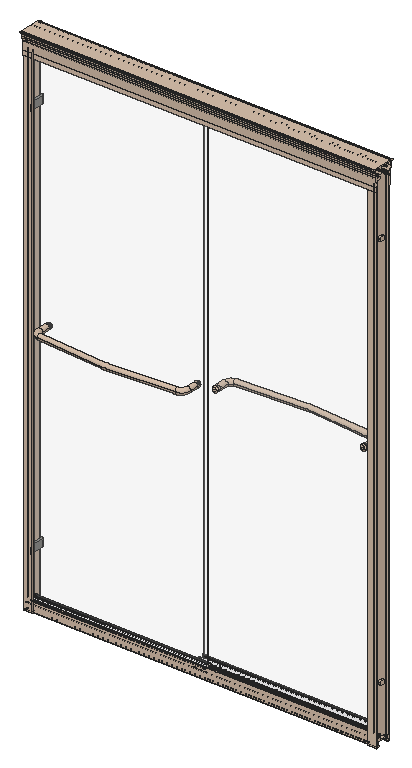
Revit family "Shower-Shower_Door-KOHLER-Fluence-K-702208_1", category Specialty Equipment, host Face, Revit 2021
Family settings
  Host = Face
  Round Connector Dimension = Use Diameter
  Part Type = Normal
  OmniClass Number = 23.31.17.17
  OmniClass Title = Shower Enclosures
  Cut with Voids When Loaded = No
  Shared = No
  Room Calculation Point = No
Parameters (values of type "Clear Glass,ABV-Anodized Brushed Bronze")
  Width [instance] = Walk thru + 25 171/256"  # 47 163/256"
  WaterSense Certified = 1 = 0  # no
  Walk thru [instance] = 21 31/32"
  URL = "https://www.us.kohler.com/us/"
  Type = 1
  Secondary Finish = Kohler-Glass-L-Crystal_Clear
  Product Page URL = "https://www.us.kohler.com/us/catalog/productDetails.jsp?productId=702208-6L"
  Product Name = "Fluence\r\n"  # constant formula
  Product Documentation Link = "https://www.us.kohler.com/webassets/kpna/catalog/pdf/en/K-702208-6L_spec_US-CA_Kohler_en.pdf"
  Model = if(Type = 1, "K-702208-6L-ABV", if(Type = 2, "K-702208-6L-MX", if(Type = 3, "K-702208-6L-SHP", if(Type = 4, "K-702208-6G54-ABV", if(Type = 5, "K-702208-6G54-MX", if(Type = 6, "K-702208-6G54-SHP", "NA"))))))  # "K-702208-6L-ABV"
  Material = "Premium Metal Construction"  # constant formula
  Master Format 2014 Name = "Shower Doors"  # constant formula
  Master Format 2014 = "10 28 19.16"  # constant formula
  Manufacturer Address = "444 Highland Dr, Kohler, WI 53044"  # constant formula
  Manufacturer = "Kohler Co."  # constant formula
  Length = 7.24409"  # constant formula
  Height = 70.02756"  # constant formula
  Hardware Included = 1 = 1  # yes
  Finish = Kohler-Metal-ABV-Anodized_Brushed_Bronze
  Environmental Product Declaration = ""
  Description = if(or(Type = 1, Type = 2, Type = 3), "44-5/8 - 47-5/8  Inch W x 70-9/32 Inch H sliding shower door with 1/4 Inch thick Crystal Clear glass", "44-5/8 - 47-5/8 Inch W x 70-9/32 Inch H sliding shower door with 1/4 Inch thick Falling Lines glass")  # "44-5/8 - 47-5/8  Inch W x 70-9/32 Inch H sliding shower door with 1/4 Inch thick Crystal Clear glass"
  Default Elevation = 4"
  Declare Label = ""
  Date Modified = "08/15/2022"  # constant formula
  Date Created = "08/15/2022"  # constant formula
  Copyright = "Copyright Kohler Co."  # constant formula
  Contact Us = "https://www.us.kohler.com/us/static/contact.jsp"
  Assembly Code = "C1030200"
  ADA Compliant = 1 = 0  # no
Reference planes (in)
  plane 1 "Center (Front/Back)": y = 1.56652
  plane 2: z = 0
  plane 3 "Center (Left/Right)": x = 0
  plane 4: x = 17.10604
  plane 5: x = -30.53068
  plane 6: x = -6.0661
  plane 7: x = 15.90265
  plane 8: z = 35.23003
  plane 9: z = 34.47999
  plane 10: z = 70.02756
  plane 11: z = 67.03867
  plane 12: z = 1.63095
  plane 13: x = -28.17358
  plane 14: x = -7.42336
  plane 15: x = -5.9858
  plane 16: x = 14.76108
  plane 17: y = 5.18652
  plane 18: y = -2.05758
  plane 19: x = -7.79838
  plane 20: x = -27.79838
  plane 21: x = -5.61346
  plane 22: x = 14.38672
  plane 23: y = 3.134
  plane 24: y = 0
  plane 25: y = 2.15619
  plane 26: y = 1.92619
  plane 27: y = 1.20781
  plane 28: y = 0.97781
Dimensions and locks (in)
  "Width": plane 4 to plane 5
  "Walk thru": plane 7 to plane 6
  locked: plane 6 to plane 5 at 24.46458
  plane 4 to plane 7 = 1.20339"
  locked: plane 5 to plane 3 "Center (Left/Right)" at 30.53068
  plane 11 to plane 12 = 65.40772"
  "Height": plane 10 to level
  locked: plane 16 to plane 4 at 2.34496
  locked: plane 15 to plane 16 at 20.74687
  locked: plane 13 to plane 14 at 20.75022
  "Length": plane 17 to plane 18
  locked: plane 22 to plane 16 at 0.37436
  locked: plane 15 to plane 21 at 0.37234
  plane 9 to level = 34.47999"
  plane 8 to plane 9 = 0.75004"
  aligned and locked: plane 2 to host face
  aligned and locked: level to host face
  aligned and locked: plane 5 to nested 1
  aligned and locked: plane 4 to nested 1
  aligned and locked: plane 3 "Center (Left/Right)" to nested 1
Automatic sketch dimensions
  host sketch curve to host sketch curve = 96"  (x2)
Nested families (in)
  nested 1: "K-702208" at (0.00132, 0, 0), type "K-702208"
    with Width 47 163/256", Walk Thru 21.96743"
Definition of nested family "K-702208"
  Parameters (values of type "K-702208")
    Width = Walk Thru + 25.66929"  # 44.6063"
    Walk Thru = 18.93701"
    Secondary Finish = none
    Material = none
    Default Elevation = 0"
  Reference planes (in)
    plane 1 "Center (Front/Back)": y = 0
    plane 2: z = 0
    plane 3 "Center (Left/Right)": x = 0
    plane 4: x = 14.0743
    plane 5: x = -30.532
    plane 6: y = 1.56652
    plane 7: y = -2.05628
    plane 8: x = 13.1673
    plane 9: y = 3.134
    plane 10: x = 13.5918
    plane 11: z = 1.63095
    plane 12: z = 70.02944
    plane 13: z = 69.01101
    plane 14: z = 34.85501
    plane 15: z = 35.23003
    plane 16: z = 34.47999
    plane 17: z = 67.03867
    plane 18 "MH1": x = 11.35497
    plane 19 "MH2": x = -8.6452
    plane 20 "MHC": x = 1.35489
    plane 21 "WALK THRU PLANE": x = -6.0661
    plane 22 "WTP1": x = 12.87091
    plane 23 "FH2": x = -27.7997
    plane 24 "FH1": x = -7.7997
    plane 25: x = -17.7997
    plane 26: y = 5.18105
    plane 27: x = -10.4577
    plane 28: x = -7.39503
    plane 29: y = 2.15619
    plane 30: y = 1.92619
    plane 31: y = 1.20781
    plane 32: y = 0.97781
  Forms (in)
    Extrusion 1, solid, material <- "Material", detail levels medium+fine
      sketch origin (29.093, 2.565, 0) x (0, 1, 0) y (0, 0, 1)
        loop
          line (-0.09022, 0.5137) -> (-0.22807, 0.5137)
          arc (-0.22807, 0.5137) -> (-0.25057, 0.4912) -> (-0.22807, 0.4687) r 0.0225
          line (-0.22807, 0.4687) -> (-0.06534, 0.4687)
          arc (-0.06534, 0.4687) -> (-0.05096, 0.46275) -> (-0.045, 0.44836) r 0.02034
          line (-0.045, 0.44836) -> (-0.045, 0.02241)
          arc (-0.045, 0.02241) -> (-0.0225, -0.00009) -> (0, 0.02241) r 0.0225
          line (0, 0.02241) -> (0, 0.53036) -> (-0.02, 0.565) -> (0, 0.59964) -> (0, 0.6346)
          arc (0, 0.6346) -> (-0.02337, 0.69243) -> (-0.08035, 0.71781) r 0.08326
          line (-0.08035, 0.71781) -> (-1.58747, 0.77044)
          arc (-1.58747, 0.77044) -> (-1.60203, 0.77692) -> (-1.608, 0.7917) r 0.02127
          line (-1.608, 0.7917) -> (-1.608, 0.88625)
          arc (-1.608, 0.88625) -> (-1.60222, 0.90022) -> (-1.58825, 0.906) r 0.01975
          line (-1.58825, 0.906) -> (-1.53212, 0.906)
          arc (-1.53212, 0.906) -> (-1.51817, 0.91194) -> (-1.51279, 0.92611) r 0.01935
          line (-1.51279, 0.92611) -> (-1.53698, 1.5443)
          arc (-1.53698, 1.5443) -> (-1.55307, 1.58284) -> (-1.59045, 1.60147) r 0.05985
          line (-1.59045, 1.60147) -> (-1.86846, 1.63103)
          arc (-1.86846, 1.63103) -> (-1.91436, 1.61616) -> (-1.934, 1.57209) r 0.05927
          line (-1.934, 1.57209) -> (-1.934, 0.01987)
          arc (-1.934, 0.01987) -> (-1.92818, 0.00582) -> (-1.91413, 0) r 0.01987
          line (-1.91413, 0) -> (-1.86764, 0)
          arc (-1.86764, 0) -> (-1.85362, 0.00828) -> (-1.85411, 0.02454) r 0.016
          arc (-1.85411, 0.02454) -> (-1.86729, 0.04224) -> (-1.88302, 0.05771) r 0.14406
          arc (-1.88302, 0.05771) -> (-1.8878, 0.0779) -> (-1.86988, 0.08836) r 0.01743
          arc (-1.86988, 0.08836) -> (-1.82545, 0.07962) -> (-1.78313, 0.06353) r 0.26803
          arc (-1.78313, 0.06353) -> (-1.74156, 0.07912) -> (-1.69803, 0.08787) r 0.27692
          arc (-1.69803, 0.08787) -> (-1.68058, 0.07794) -> (-1.68489, 0.05834) r 0.01692
          arc (-1.68489, 0.05834) -> (-1.70097, 0.0415) -> (-1.71379, 0.02207) r 0.13018
          arc (-1.71379, 0.02207) -> (-1.71346, 0.0073) -> (-1.7006, 0) r 0.01498
          line (-1.7006, 0) -> (-1.65471, 0)
          arc (-1.65471, 0) -> (-1.64006, 0.00606) -> (-1.634, 0.02071) r 0.02071
          line (-1.634, 0.02071) -> (-1.634, 0.08606)
          arc (-1.634, 0.08606) -> (-1.65237, 0.12719) -> (-1.69526, 0.14096) r 0.05523
          arc (-1.69526, 0.14096) -> (-1.74073, 0.13181) -> (-1.78385, 0.11476) r 0.26071
          arc (-1.78385, 0.11476) -> (-1.82519, 0.1319) -> (-1.86875, 0.14215) r 0.27697
          arc (-1.86875, 0.14215) -> (-1.88324, 0.15018) -> (-1.889, 0.16571) r 0.02382
          line (-1.889, 0.16571) -> (-1.889, 1.55999)
          arc (-1.889, 1.55999) -> (-1.88066, 1.57869) -> (-1.86118, 1.585) r 0.02516
          line (-1.86118, 1.585) -> (-1.60441, 1.5577)
          arc (-1.60441, 1.5577) -> (-1.58845, 1.54975) -> (-1.58158, 1.5333) r 0.02555
          line (-1.58158, 1.5333) -> (-1.5598, 0.9768)
          arc (-1.5598, 0.9768) -> (-1.568, 0.95699) -> (-1.58837, 0.95031) r 0.02565
          arc (-1.58837, 0.95031) -> (-1.6336, 0.93599) -> (-1.653, 0.8927) r 0.05799
          line (-1.653, 0.8927) -> (-1.653, 0.79158)
          arc (-1.653, 0.79158) -> (-1.63443, 0.74563) -> (-1.58916, 0.72547) r 0.06615
          line (-1.58916, 0.72547) -> (-0.27166, 0.67946)
          arc (-0.27166, 0.67946) -> (-0.25085, 0.6677) -> (-0.24852, 0.64391) r 0.02591
          arc (-0.24852, 0.64391) -> (-0.24647, 0.62474) -> (-0.22944, 0.6157) r 0.02056
          line (-0.22944, 0.6157) -> (-0.0898, 0.6157)
          arc (-0.0898, 0.6157) -> (-0.0758, 0.6099) -> (-0.07, 0.5959) r 0.0198
          line (-0.07, 0.5959) -> (-0.07, 0.53392)
          arc (-0.07, 0.53392) -> (-0.07592, 0.51963) -> (-0.09022, 0.5137) r 0.02022
      from -59.625 to -15.0187
    Extrusion 2, void
      sketch origin (0, 0, 0) x (0, 1, 0) y (0, 0, 1)
        loop
          line (1.00655, 1.63166) -> (0.58649, 1.66896) -> (0.58649, -0.19685) -> (2.5527, -0.19685) -> (2.5527, 0.74642) -> (1.14238, 0.79512)
          arc (1.14238, 0.79512) -> (1.10316, 0.81216) -> (1.0861, 0.85138) r 0.05833
          line (1.0861, 0.85138) -> (1.06084, 1.57438)
          arc (1.06084, 1.57438) -> (1.04453, 1.61329) -> (1.00655, 1.63166) r 0.0596
      from 12.87091 to 14.0743
    Extrusion 3, solid, material <- "Material", detail levels medium+fine
      sketch origin (0, 0, 0) x (1, 0, 0) y (0, 1, 0)
        loop
          line (-30.532, 2.615) -> (-30.532, 2.565) -> (-30.06986, 2.565)
          arc (-30.06986, 2.565) -> (-30.05582, 2.55918) -> (-30.05, 2.54514) r 0.01986
          line (-30.05, 2.54514) -> (-30.05, 0.60711)
          arc (-30.05, 0.60711) -> (-30.0562, 0.5922) -> (-30.07114, 0.58608) r 0.02103
          arc (-30.07114, 0.58608) -> (-30.30165, 0.58407) -> (-30.532, 0.57549) r 8.08435
          line (-30.532, 0.57549) -> (-30.532, 0.52591)
          arc (-30.532, 0.52591) -> (-29.94328, 0.53519) -> (-29.35471, 0.51888) r 13.54177
          arc (-29.35471, 0.51888) -> (-29.32915, 0.54196) -> (-29.35215, 0.5676) r 0.0244
          arc (-29.35215, 0.5676) -> (-29.66551, 0.58093) -> (-29.97912, 0.58597) r 11.87416
          arc (-29.97912, 0.58597) -> (-29.99389, 0.59213) -> (-30, 0.60691) r 0.02094
          line (-30, 0.60691) -> (-30, 2.573)
          arc (-30, 2.573) -> (-30.0123, 2.6027) -> (-30.042, 2.615) r 0.042
          line (-30.042, 2.615) -> (-30.532, 2.615)
      from 0 to 68.562
    Extrusion 4, solid, material <- "Material", detail levels medium+fine
      sketch origin (0, 0, 14.55654) x (0, 1, 0) y (0, 0, 1)
        loop
          line (2.03453, 55.37056) -> (2.99224, 55.37056)
          arc (2.99224, 55.37056) -> (3.00657, 55.36168) -> (3.00499, 55.34489) r 0.016
          arc (3.00499, 55.34489) -> (2.87918, 55.13921) -> (2.7966, 54.91269) r 1.211
          arc (2.7966, 54.91269) -> (2.71637, 54.54717) -> (2.66101, 54.17708) r 5.54
          arc (2.66101, 54.17708) -> (2.65362, 54.16285) -> (2.63863, 54.15714) r 0.02252
          line (2.63863, 54.15714) -> (2.48969, 54.15714)
          arc (2.48969, 54.15714) -> (2.47471, 54.15093) -> (2.4685, 54.13594) r 0.02119
          line (2.4685, 54.13594) -> (2.4685, 54.09376)
          arc (2.4685, 54.09376) -> (2.40117, 54.07259) -> (2.33201, 54.05849) r 0.68162
          arc (2.33201, 54.05849) -> (2.26784, 54.06884) -> (2.20551, 54.0873) r 0.50723
          arc (2.20551, 54.0873) -> (2.19317, 54.09682) -> (2.1885, 54.11168) r 0.02597
          line (2.1885, 54.11168) -> (2.1885, 54.2074)
          arc (2.1885, 54.2074) -> (2.16043, 54.20703) -> (2.1465, 54.18266) r 0.02829
          line (2.1465, 54.18266) -> (2.1465, 54.11261)
          arc (2.1465, 54.11261) -> (2.15528, 54.07773) -> (2.17952, 54.05116) r 0.07368
          arc (2.17952, 54.05116) -> (2.25361, 54.01666) -> (2.33455, 54.00539) r 0.27578
          arc (2.33455, 54.00539) -> (2.43391, 54.02503) -> (2.51946, 54.07924) r 0.27556
          arc (2.51946, 54.07924) -> (2.53463, 54.0888) -> (2.55224, 54.09214) r 0.04811
          line (2.55224, 54.09214) -> (2.62922, 54.09214)
          arc (2.62922, 54.09214) -> (2.64424, 54.08559) -> (2.64968, 54.07012) r 0.02051
          arc (2.64968, 54.07012) -> (2.62367, 53.59645) -> (2.615, 53.12214) r 12.97575
          line (2.615, 53.12214) -> (2.615, 52.48214) -> (2.68, 52.48214) -> (2.68, 53.12214)
          arc (2.68, 53.12214) -> (2.69845, 53.72498) -> (2.75373, 54.32556) r 9.85743
          arc (2.75373, 54.32556) -> (2.77708, 54.48167) -> (2.80851, 54.63635) r 3.03223
          arc (2.80851, 54.63635) -> (2.83126, 54.74597) -> (2.85309, 54.85578) r 13.47898
          arc (2.85309, 54.85578) -> (2.89321, 55.00146) -> (2.95509, 55.13933) r 0.98771
          arc (2.95509, 55.13933) -> (2.99248, 55.20497) -> (3.03239, 55.26911) r 1.95097
          arc (3.03239, 55.26911) -> (3.04978, 55.29497) -> (3.06801, 55.32025) r 0.95804
          arc (3.06801, 55.32025) -> (3.09308, 55.35129) -> (3.12047, 55.3803) r 0.51768
          arc (3.12047, 55.3803) -> (3.13048, 55.39505) -> (3.134, 55.41252) r 0.04512
          line (3.134, 55.41252) -> (3.134, 55.44406)
          arc (3.134, 55.44406) -> (3.11557, 55.46877) -> (3.08477, 55.47007) r 0.03588
          arc (3.08477, 55.47007) -> (3.01387, 55.44801) -> (2.94, 55.44056) r 0.36985
          line (2.94, 55.44056) -> (0.194, 55.44056)
          arc (0.194, 55.44056) -> (0.12013, 55.44801) -> (0.04923, 55.47007) r 0.36985
          arc (0.04923, 55.47007) -> (0.01843, 55.46877) -> (0, 55.44406) r 0.03588
          line (0, 55.44406) -> (0, 55.41252)
          arc (0, 55.41252) -> (0.00352, 55.39505) -> (0.01353, 55.3803) r 0.04512
          arc (0.01353, 55.3803) -> (0.04092, 55.35129) -> (0.06599, 55.32025) r 0.51768
          arc (0.06599, 55.32025) -> (0.08422, 55.29497) -> (0.10161, 55.26911) r 0.95804
          arc (0.10161, 55.26911) -> (0.14152, 55.20497) -> (0.17891, 55.13933) r 1.95097
          arc (0.17891, 55.13933) -> (0.24079, 55.00146) -> (0.28091, 54.85578) r 0.98771
          arc (0.28091, 54.85578) -> (0.30274, 54.74597) -> (0.32549, 54.63635) r 13.47898
          arc (0.32549, 54.63635) -> (0.35692, 54.48167) -> (0.38027, 54.32556) r 3.03223
          arc (0.38027, 54.32556) -> (0.43555, 53.72498) -> (0.454, 53.12214) r 9.85743
          line (0.454, 53.12214) -> (0.454, 52.48214) -> (0.519, 52.48214) -> (0.519, 53.12214)
          arc (0.519, 53.12214) -> (0.51033, 53.59645) -> (0.48432, 54.07012) r 12.97575
          arc (0.48432, 54.07012) -> (0.48976, 54.08559) -> (0.50478, 54.09214) r 0.02051
          line (0.50478, 54.09214) -> (0.58176, 54.09214)
          arc (0.58176, 54.09214) -> (0.59937, 54.0888) -> (0.61454, 54.07924) r 0.04811
          arc (0.61454, 54.07924) -> (0.70009, 54.02503) -> (0.79945, 54.00539) r 0.27556
          arc (0.79945, 54.00539) -> (0.88039, 54.01666) -> (0.95448, 54.05116) r 0.27578
          arc (0.95448, 54.05116) -> (0.97872, 54.07773) -> (0.9875, 54.11261) r 0.07368
          line (0.9875, 54.11261) -> (0.9875, 54.18266)
          arc (0.9875, 54.18266) -> (0.97357, 54.20703) -> (0.9455, 54.2074) r 0.02829
          line (0.9455, 54.2074) -> (0.9455, 54.11168)
          arc (0.9455, 54.11168) -> (0.94083, 54.09682) -> (0.92849, 54.0873) r 0.02597
          arc (0.92849, 54.0873) -> (0.86616, 54.06884) -> (0.80199, 54.05849) r 0.50723
          arc (0.80199, 54.05849) -> (0.73283, 54.07259) -> (0.6655, 54.09376) r 0.68162
          line (0.6655, 54.09376) -> (0.6655, 54.13594)
          arc (0.6655, 54.13594) -> (0.65929, 54.15093) -> (0.64431, 54.15714) r 0.02119
          line (0.64431, 54.15714) -> (0.49537, 54.15714)
          arc (0.49537, 54.15714) -> (0.48038, 54.16285) -> (0.47299, 54.17708) r 0.02252
          arc (0.47299, 54.17708) -> (0.41763, 54.54717) -> (0.3374, 54.91269) r 5.54
          arc (0.3374, 54.91269) -> (0.25482, 55.13921) -> (0.12901, 55.34489) r 1.211
          arc (0.12901, 55.34489) -> (0.12743, 55.36168) -> (0.14176, 55.37056) r 0.016
          line (0.14176, 55.37056) -> (1.09947, 55.37056) -> (1.09947, 55.15859)
          arc (1.09947, 55.15859) -> (1.09611, 55.14344) -> (1.08667, 55.13113) r 0.03584
          line (1.08667, 55.13113) -> (1.0005, 55.05883) -> (1.0005, 54.99356) -> (1.14947, 55.11856) -> (1.14947, 55.37056) -> (1.98453, 55.37056) -> (1.98453, 55.11856) -> (2.1335, 54.99356) -> (2.1335, 55.05883) -> (2.04972, 55.12913)
          arc (2.04972, 55.12913) -> (2.03851, 55.14373) -> (2.03453, 55.1617) r 0.04252
          line (2.03453, 55.1617) -> (2.03453, 55.37056)
      from -30.532 to 14.0743
    Extrusion 5, solid, material <- "Material", detail levels medium+fine
      sketch origin (13.1363, 2.44719, 59.99993) x (0, 1, 0) y (0, 0, 1)
        loop
          line (-0.18, 7.23465) -> (-0.18, 8.27401)
          arc (-0.18, 8.27401) -> (-0.218, 8.3699) -> (-0.31136, 8.41374) r 0.14
          arc (-0.31136, 8.41374) -> (-0.35304, 8.43331) -> (-0.37, 8.47612) r 0.0625
          line (-0.37, 8.47612) -> (-0.37, 9.25601)
          arc (-0.37, 9.25601) -> (-0.41, 9.29601) -> (-0.45, 9.25601) r 0.04
          line (-0.45, 9.25601) -> (-0.45, 8.47612)
          arc (-0.45, 8.47612) -> (-0.46696, 8.43331) -> (-0.50864, 8.41374) r 0.0625
          arc (-0.50864, 8.41374) -> (-0.602, 8.3699) -> (-0.64, 8.27401) r 0.14
          line (-0.64, 8.27401) -> (-0.64, 7.23513)
          arc (-0.64, 7.23513) -> (-0.63399, 7.22013) -> (-0.61928, 7.21345) r 0.02171
          arc (-0.61928, 7.21345) -> (-0.59514, 7.22249) -> (-0.585, 7.2462) r 0.03279
          line (-0.585, 7.2462) -> (-0.545, 7.2462) -> (-0.545, 8.27409)
          arc (-0.545, 8.27409) -> (-0.51867, 8.33767) -> (-0.45509, 8.36401) r 0.08991
          line (-0.45509, 8.36401) -> (-0.37573, 8.36401)
          arc (-0.37573, 8.36401) -> (-0.31582, 8.33919) -> (-0.291, 8.27928) r 0.08473
          line (-0.291, 8.27928) -> (-0.291, 7.2462) -> (-0.235, 7.2462)
          arc (-0.235, 7.2462) -> (-0.22436, 7.22202) -> (-0.19933, 7.21354) r 0.03279
          arc (-0.19933, 7.21354) -> (-0.18556, 7.22034) -> (-0.18, 7.23465) r 0.02119
      from 0.625 to -0.625
    Extrusion 6, solid, material <- "Material", detail levels medium+fine
      sketch origin (-26.5625, 0.91681, 59.99993) x (0, 1, 0) y (0, 0, 1)
        loop
          arc (-0.05096, 7.23465) -> (-0.04539, 7.22034) -> (-0.03162, 7.21354) r 0.02119
          arc (-0.03162, 7.21354) -> (-0.0066, 7.22202) -> (0.00404, 7.2462) r 0.03279
          line (0.00404, 7.2462) -> (0.06004, 7.2462) -> (0.06004, 8.27928)
          arc (0.06004, 8.27928) -> (0.08486, 8.33919) -> (0.14477, 8.36401) r 0.08473
          line (0.14477, 8.36401) -> (0.22413, 8.36401)
          arc (0.22413, 8.36401) -> (0.28771, 8.33767) -> (0.31404, 8.27409) r 0.08991
          line (0.31404, 8.27409) -> (0.31404, 7.2462) -> (0.35404, 7.2462)
          arc (0.35404, 7.2462) -> (0.36418, 7.22249) -> (0.38832, 7.21345) r 0.03279
          arc (0.38832, 7.21345) -> (0.40303, 7.22013) -> (0.40904, 7.23513) r 0.02171
          line (0.40904, 7.23513) -> (0.40904, 8.27401)
          arc (0.40904, 8.27401) -> (0.37105, 8.3699) -> (0.27768, 8.41374) r 0.14
          arc (0.27768, 8.41374) -> (0.236, 8.43331) -> (0.21904, 8.47612) r 0.0625
          line (0.21904, 8.47612) -> (0.21904, 9.25601)
          arc (0.21904, 9.25601) -> (0.17904, 9.29601) -> (0.13904, 9.25601) r 0.04
          line (0.13904, 9.25601) -> (0.13904, 8.47612)
          arc (0.13904, 8.47612) -> (0.12208, 8.43331) -> (0.0804, 8.41374) r 0.0625
          arc (0.0804, 8.41374) -> (-0.01296, 8.3699) -> (-0.05096, 8.27401) r 0.14
          line (-0.05096, 8.27401) -> (-0.05096, 7.23465)
      from -0.625 to 0.625
    Revolve 7, solid, material <- "Material", detail levels medium+fine
      sketch origin (-26.5625, 0.91681, 59.99993) x (0, 1, 0) y (0, 0, 1)
        loop
          line (0.12505, 9.2303) -> (0.015, 9.2303) -> (0.015, 9.35664) -> (-0.01506, 9.3867) -> (-0.20491, 9.3867) -> (-0.235, 9.35661) -> (-0.235, 9.01108) -> (0.14906, 9.01108) -> (0.14906, 9.20629) -> (0.12505, 9.2303)
        axis (0.14906, 9.01108) -> (-0.235, 9.01108)
      angle from 0 to 360
    Revolve 8, solid, material <- "Material", detail levels medium+fine
      sketch origin (13.1363, 2.44719, 59.99993) x (0, 1, 0) y (0, 0, 1)
        loop
          line (-0.35601, 9.2303) -> (-0.38002, 9.20629) -> (-0.38002, 9.01108) -> (0.00404, 9.01108) -> (0.00404, 9.35661) -> (-0.02605, 9.3867) -> (-0.2159, 9.3867) -> (-0.24596, 9.35664) -> (-0.24596, 9.2303) -> (-0.35601, 9.2303)
        axis (-0.38002, 9.01108) -> (0.00404, 9.01108)
      angle from 0 to 360
    Extrusion 9, solid, material <- "Secondary Finish"
      sketch origin (0, 0, 0) x (1, 0, 0) y (0, 1, 0)
        loop
          spline (-29.52603, 1.20781) -> (-29.53134, 1.20017) -> (-29.53629, 1.19205) -> (-29.54087, 1.18348) -> (-29.54505, 1.17449) -> (-29.54882, 1.16514) -> (-29.55217, 1.15545) -> (-29.55507, 1.14547) -> (-29.55751, 1.13524) -> (-29.55949, 1.12481) -> (-29.561, 1.11422) -> (-29.56202, 1.10352) -> (-29.56256, 1.09275)
          spline (-29.56256, 1.09275) -> (-29.56215, 1.08199) -> (-29.56123, 1.0713) -> (-29.55981, 1.06072) -> (-29.55788, 1.0503) -> (-29.55547, 1.04009) -> (-29.55258, 1.03012) -> (-29.54923, 1.02044) -> (-29.54542, 1.01109) -> (-29.54118, 1.00212) -> (-29.53652, 0.99355) -> (-29.53146, 0.98544) -> (-29.52603, 0.97781)
          line (-29.52603, 0.97781) -> (-6.10303, 0.97781)
          spline (-6.10303, 0.97781) -> (-6.09221, 0.99334) -> (-6.08306, 1.01081) -> (-6.07575, 1.02987) -> (-6.07042, 1.05016) -> (-6.06719, 1.07128) -> (-6.0661, 1.09281) -> (-6.06719, 1.11434) -> (-6.07042, 1.13546) -> (-6.07575, 1.15574) -> (-6.08306, 1.1748) -> (-6.09221, 1.19227) -> (-6.10303, 1.20781)
          line (-6.10303, 1.20781) -> (-29.52603, 1.20781)
      from 1.38601 to 68.32401
    Extrusion 10, solid
      sketch origin (0, 0, 0) x (0, 1, 0) y (0, 0, 1)
        loop
          line (1.82555, 1.89817) -> (1.54335, 1.44917)
          arc (1.54335, 1.44917) -> (1.55121, 1.4147) -> (1.58568, 1.42257) r 0.025
          line (1.58568, 1.42257) -> (1.858, 1.85583)
          arc (1.858, 1.85583) -> (1.87293, 1.86129) -> (1.88195, 1.8482) r 0.01298
          line (1.88195, 1.8482) -> (1.85669, 1.39636)
          arc (1.85669, 1.39636) -> (1.87223, 1.35389) -> (1.91377, 1.33601) r 0.05717
          line (1.91377, 1.33601) -> (2.16947, 1.33601)
          arc (2.16947, 1.33601) -> (2.21042, 1.35364) -> (2.22574, 1.39551) r 0.05636
          line (2.22574, 1.39551) -> (2.20098, 1.83834)
          arc (2.20098, 1.83834) -> (2.21177, 1.854) -> (2.22964, 1.84747) r 0.01553
          line (2.22964, 1.84747) -> (2.49731, 1.4216)
          arc (2.49731, 1.4216) -> (2.53178, 1.41374) -> (2.53964, 1.44821) r 0.025
          line (2.53964, 1.44821) -> (2.25616, 1.89924)
          arc (2.25616, 1.89924) -> (2.1896, 1.92358) -> (2.1494, 1.86522) r 0.05786
          line (2.1494, 1.86522) -> (2.15143, 1.82892)
          arc (2.15143, 1.82892) -> (2.13228, 1.80782) -> (2.15366, 1.78898) r 0.02
          line (2.15366, 1.78898) -> (2.15757, 1.71909)
          arc (2.15757, 1.71909) -> (2.13871, 1.69801) -> (2.1598, 1.67915) r 0.02
          line (2.1598, 1.67915) -> (2.16371, 1.60926)
          arc (2.16371, 1.60926) -> (2.14508, 1.58819) -> (2.16594, 1.56933) r 0.02
          line (2.16594, 1.56933) -> (2.17505, 1.40639)
          arc (2.17505, 1.40639) -> (2.1698, 1.39205) -> (2.15578, 1.38601) r 0.0193
          line (2.15578, 1.38601) -> (1.92695, 1.38601)
          arc (1.92695, 1.38601) -> (1.91269, 1.39215) -> (1.90735, 1.40673) r 0.01963
          line (1.90735, 1.40673) -> (1.91644, 1.56933)
          arc (1.91644, 1.56933) -> (1.93809, 1.58815) -> (1.91867, 1.60926) r 0.02001
          line (1.91867, 1.60926) -> (1.92258, 1.67915)
          arc (1.92258, 1.67915) -> (1.94359, 1.69801) -> (1.92481, 1.71909) r 0.02
          line (1.92481, 1.71909) -> (1.92872, 1.78898)
          arc (1.92872, 1.78898) -> (1.9497, 1.80784) -> (1.93095, 1.82892) r 0.02
          line (1.93095, 1.82892) -> (1.93291, 1.86396)
          arc (1.93291, 1.86396) -> (1.89248, 1.92265) -> (1.82555, 1.89817) r 0.05819
      from -10.4577 to 13.1673
    Extrusion 11, solid
      sketch origin (0, 0, 0) x (0, 1, 0) y (0, 0, 1)
        loop
          line (0.8773, 1.89817) -> (0.59509, 1.44917)
          arc (0.59509, 1.44917) -> (0.60296, 1.4147) -> (0.63743, 1.42257) r 0.025
          line (0.63743, 1.42257) -> (0.90974, 1.85583)
          arc (0.90974, 1.85583) -> (0.92467, 1.86129) -> (0.9337, 1.8482) r 0.01298
          line (0.9337, 1.8482) -> (0.90843, 1.39636)
          arc (0.90843, 1.39636) -> (0.92398, 1.35389) -> (0.96551, 1.33601) r 0.05717
          line (0.96551, 1.33601) -> (1.22121, 1.33601)
          arc (1.22121, 1.33601) -> (1.26216, 1.35364) -> (1.27748, 1.39551) r 0.05636
          line (1.27748, 1.39551) -> (1.25272, 1.83834)
          arc (1.25272, 1.83834) -> (1.26351, 1.854) -> (1.28138, 1.84747) r 0.01553
          line (1.28138, 1.84747) -> (1.54905, 1.4216)
          arc (1.54905, 1.4216) -> (1.58352, 1.41374) -> (1.59138, 1.44821) r 0.025
          line (1.59138, 1.44821) -> (1.3079, 1.89924)
          arc (1.3079, 1.89924) -> (1.24134, 1.92358) -> (1.20114, 1.86522) r 0.05786
          line (1.20114, 1.86522) -> (1.20317, 1.82892)
          arc (1.20317, 1.82892) -> (1.18402, 1.80782) -> (1.2054, 1.78898) r 0.02
          line (1.2054, 1.78898) -> (1.20931, 1.71909)
          arc (1.20931, 1.71909) -> (1.19045, 1.69801) -> (1.21154, 1.67915) r 0.02
          line (1.21154, 1.67915) -> (1.21545, 1.60926)
          arc (1.21545, 1.60926) -> (1.19682, 1.58819) -> (1.21768, 1.56933) r 0.02
          line (1.21768, 1.56933) -> (1.22679, 1.40639)
          arc (1.22679, 1.40639) -> (1.22155, 1.39205) -> (1.20752, 1.38601) r 0.0193
          line (1.20752, 1.38601) -> (0.97869, 1.38601)
          arc (0.97869, 1.38601) -> (0.96443, 1.39215) -> (0.95909, 1.40673) r 0.01963
          line (0.95909, 1.40673) -> (0.96818, 1.56933)
          arc (0.96818, 1.56933) -> (0.98983, 1.58815) -> (0.97041, 1.60926) r 0.02001
          line (0.97041, 1.60926) -> (0.97432, 1.67915)
          arc (0.97432, 1.67915) -> (0.99533, 1.69801) -> (0.97656, 1.71909) r 0.02
          line (0.97656, 1.71909) -> (0.98046, 1.78898)
          arc (0.98046, 1.78898) -> (1.00144, 1.80784) -> (0.9827, 1.82892) r 0.02
          line (0.9827, 1.82892) -> (0.98465, 1.86396)
          arc (0.98465, 1.86396) -> (0.94423, 1.92265) -> (0.8773, 1.89817) r 0.05819
      from -29.6249 to -5.9872
    Extrusion 12, solid, material <- "Secondary Finish"
      sketch origin (0, 0.94838, 0) x (1, 0, 0) y (0, 1, 0)
        loop
          spline (-10.35932, 1.20781) -> (-10.36463, 1.20017) -> (-10.36958, 1.19205) -> (-10.37416, 1.18348) -> (-10.37835, 1.17449) -> (-10.38212, 1.16514) -> (-10.38546, 1.15545) -> (-10.38836, 1.14547) -> (-10.39081, 1.13524) -> (-10.39279, 1.12481) -> (-10.39429, 1.11422) -> (-10.39532, 1.10352) -> (-10.39585, 1.09275)
          spline (-10.39585, 1.09275) -> (-10.39544, 1.08199) -> (-10.39452, 1.0713) -> (-10.3931, 1.06072) -> (-10.39118, 1.0503) -> (-10.38877, 1.04009) -> (-10.38588, 1.03012) -> (-10.38252, 1.02044) -> (-10.37871, 1.01109) -> (-10.37447, 1.00212) -> (-10.36981, 0.99355) -> (-10.36475, 0.98544) -> (-10.35932, 0.97781)
          line (-10.35932, 0.97781) -> (13.06785, 0.97781)
          spline (13.06785, 0.97781) -> (13.07867, 0.99334) -> (13.08782, 1.01081) -> (13.09513, 1.02987) -> (13.10046, 1.05016) -> (13.10369, 1.07128) -> (13.10478, 1.09281) -> (13.10369, 1.11434) -> (13.10046, 1.13546) -> (13.09513, 1.15574) -> (13.08782, 1.1748) -> (13.07866, 1.19227) -> (13.06785, 1.20781)
          line (13.06785, 1.20781) -> (-10.35932, 1.20781)
      from 1.38601 to 68.32401
    Sweep 13, solid, material <- "Material"
      path origin (0, 2.89619, 27.57401) x (0, 1, 0) y (-1, 0, 0)
        loop
          line (-0.70769, -11.35497) -> (0.42045, -11.35497)
          arc (0.42045, -11.35497) -> (0.98972, -11.14161) -> (1.27854, -10.60665) r 0.86614
          arc (1.27854, -10.60665) -> (1.91074, -1.35489) -> (1.27856, 7.89688) r 68.01382
          arc (1.27856, 7.89688) -> (0.98975, 8.43184) -> (0.42047, 8.6452) r 0.86614
          line (0.42047, 8.6452) -> (-0.70749, 8.6452)
      profile origin (-8.6452, 2.1887, 27.57401) x (1, 0, 0) y (0, 0, 1)
        loop
          circle (0, 7.281) r 0.37503
    Extrusion 14, solid, material <- "Material", detail levels medium+fine
      sketch origin (28.586, 1.56956, 56.562) x (1, 0, 0) y (0, 1, 0)
        loop
          line (-14.5117, 1.0395) -> (-15.0022, 1.0395)
          arc (-15.0022, 1.0395) -> (-15.0319, 1.0272) -> (-15.0442, 0.9975) r 0.042
          line (-15.0442, 0.9975) -> (-15.0442, -0.96859)
          arc (-15.0442, -0.96859) -> (-15.05032, -0.98337) -> (-15.06509, -0.98953) r 0.02094
          arc (-15.06509, -0.98953) -> (-15.37869, -0.99457) -> (-15.69205, -1.0079) r 11.87416
          arc (-15.69205, -1.0079) -> (-15.71506, -1.03354) -> (-15.68949, -1.05662) r 0.0244
          arc (-15.68949, -1.05662) -> (-15.10092, -1.04031) -> (-14.5122, -1.04959) r 13.54177
          line (-14.5122, -1.04959) -> (-14.5122, -1.00001)
          arc (-14.5122, -1.00001) -> (-14.74256, -0.99143) -> (-14.97306, -0.98942) r 8.08435
          arc (-14.97306, -0.98942) -> (-14.98801, -0.9833) -> (-14.9942, -0.96839) r 0.02103
          line (-14.9942, -0.96839) -> (-14.9942, 0.96964)
          arc (-14.9942, 0.96964) -> (-14.98839, 0.98368) -> (-14.97434, 0.9895) r 0.01986
          line (-14.97434, 0.9895) -> (-14.5117, 0.9895) -> (-14.5117, 1.0395)
      from -56.562 to 12
    Extrusion 15, void
      sketch origin (-66.88633, 0.00406, 0) x (0, 1, 0) y (0, 0, 1)
        loop
          line (1.00655, 1.63166) -> (0.58855, 1.66877) -> (0.58855, -0.19685) -> (2.54039, -0.19685) -> (2.54039, 0.74685) -> (1.14238, 0.79512)
          arc (1.14238, 0.79512) -> (1.10316, 0.81216) -> (1.0861, 0.85138) r 0.05833
          line (1.0861, 0.85138) -> (1.06084, 1.57438)
          arc (1.06084, 1.57438) -> (1.04453, 1.61329) -> (1.00655, 1.63166) r 0.0596
      from 36.35433 to 37.73228
    Revolve 16, solid, material <- "Material"
      sketch origin (-0.9872, 2.89619, 34.85445) x (0, 1, 0) y (-1, 0, 0)
        loop
          line (-1.54338, 27.0185) -> (-1.63638, 27.0185) -> (-1.63638, 26.8125) -> (-1.3268, 26.8125)
          arc (-1.3268, 26.8125) -> (-1.33211, 26.90911) -> (-1.34796, 27.00455) r 0.88222
          arc (-1.34796, 27.00455) -> (-1.3607, 27.05465) -> (-1.37638, 27.10391) r 0.87371
          arc (-1.37638, 27.10391) -> (-1.42209, 27.16452) -> (-1.49442, 27.18756) r 0.12511
          line (-1.49442, 27.18756) -> (-1.54338, 27.18756) -> (-1.54338, 27.0185)
        axis (-1.63638, 26.8125) -> (-1.3268, 26.8125)
      angle from 0 to 360
    Extrusion 17, solid, detail levels medium+fine
      sketch origin (0, 0, 0) x (1, 0, 0) y (0, 1, 0)
        loop
          line (-29.86714, 2.80291) -> (-30.45149, 2.68382)
          arc (-30.45149, 2.68382) -> (-30.47914, 2.64627) -> (-30.44455, 2.615) r 0.03476
          line (-30.44455, 2.615) -> (-29.99032, 2.615)
          arc (-29.99032, 2.615) -> (-29.95262, 2.59938) -> (-29.937, 2.56168) r 0.05332
          line (-29.937, 2.56168) -> (-29.937, 0.62154) -> (-29.5625, 0.615) -> (-29.5625, 2.5541)
          arc (-29.5625, 2.5541) -> (-29.6558, 2.75077) -> (-29.86714, 2.80291) r 0.25393
      from 7 to 8
    Extrusion 18, solid, detail levels medium+fine
      sketch origin (0, 0, 53.72289) x (1, 0, 0) y (0, 1, 0)
        loop
          line (-29.86714, 2.80291) -> (-30.45149, 2.68382)
          arc (-30.45149, 2.68382) -> (-30.47914, 2.64627) -> (-30.44455, 2.615) r 0.03476
          line (-30.44455, 2.615) -> (-29.99032, 2.615)
          arc (-29.99032, 2.615) -> (-29.95262, 2.59938) -> (-29.937, 2.56168) r 0.05332
          line (-29.937, 2.56168) -> (-29.937, 0.62154) -> (-29.5625, 0.615) -> (-29.5625, 2.5541)
          arc (-29.5625, 2.5541) -> (-29.6558, 2.75077) -> (-29.86714, 2.80291) r 0.25393
      from 6.82972 to 7.82972
    Extrusion 19, solid, detail levels medium+fine
      sketch origin (0, 0, 53.72289) x (-1, 0, 0) y (0, -1, 0)
        loop
          arc (-13.38877, -2.80291) -> (-13.17743, -2.75077) -> (-13.08413, -2.5541) r 0.25393
          line (-13.08413, -2.5541) -> (-13.08413, -0.615) -> (-13.45863, -0.62154) -> (-13.45863, -2.56168)
          arc (-13.45863, -2.56168) -> (-13.47425, -2.59938) -> (-13.51195, -2.615) r 0.05332
          line (-13.51195, -2.615) -> (-13.96618, -2.615)
          arc (-13.96618, -2.615) -> (-14.00077, -2.64627) -> (-13.97312, -2.68382) r 0.03476
          line (-13.97312, -2.68382) -> (-13.38877, -2.80291)
      from 6.82972 to 7.82972
    Extrusion 20, solid, detail levels medium+fine
      sketch origin (0, 0, 15.97773) x (0, 1, 0) y (1, 0, 0)
        loop
          line (2.80291, 13.38877) -> (2.68382, 13.97312)
          arc (2.68382, 13.97312) -> (2.64627, 14.00077) -> (2.615, 13.96618) r 0.03476
          line (2.615, 13.96618) -> (2.615, 13.51195)
          arc (2.615, 13.51195) -> (2.59938, 13.47425) -> (2.56168, 13.45863) r 0.05332
          line (2.56168, 13.45863) -> (0.62154, 13.45863) -> (0.615, 13.08413) -> (2.5541, 13.08413)
          arc (2.5541, 13.08413) -> (2.75077, 13.17743) -> (2.80291, 13.38877) r 0.25393
      from 7.97773 to 8.97773
    Extrusion 21, solid, material <- "Material", detail levels medium+fine
      sketch origin (13.5918, 1.65731, 59.99061) x (0, 1, 0) y (0, 0, 1)
        loop
          arc (-0.2011, 1.30448) -> (-0.28823, 1.26838) -> (-0.32433, 1.18125) r 0.12323
          line (-0.32433, 1.18125) -> (-0.32433, 0.94274)
          arc (-0.32433, 0.94274) -> (-0.28823, 0.8556) -> (-0.2011, 0.81951) r 0.12323
          line (-0.2011, 0.81951) -> (0.03753, 0.81951)
          arc (0.03753, 0.81951) -> (0.12466, 0.8556) -> (0.16075, 0.94274) r 0.12323
          line (0.16075, 0.94274) -> (0.16075, 1.18122)
          arc (0.16075, 1.18122) -> (0.12465, 1.26838) -> (0.0375, 1.30448) r 0.12325
          line (0.0375, 1.30448) -> (-0.2011, 1.30448)
      from 0 to 0.41833
    Extrusion 22, solid, material <- "Material", detail levels medium+fine
      sketch origin (13.5918, 1.65731, 48) x (0, 1, 0) y (0, 0, 1)
        loop
          arc (-0.2011, -40.25752) -> (-0.28823, -40.29361) -> (-0.32433, -40.38075) r 0.12323
          line (-0.32433, -40.38075) -> (-0.32433, -40.61925)
          arc (-0.32433, -40.61925) -> (-0.28823, -40.70639) -> (-0.2011, -40.74248) r 0.12323
          line (-0.2011, -40.74248) -> (0.03753, -40.74248)
          arc (0.03753, -40.74248) -> (0.12466, -40.70639) -> (0.16075, -40.61925) r 0.12323
          line (0.16075, -40.61925) -> (0.16075, -40.38077)
          arc (0.16075, -40.38077) -> (0.12465, -40.29362) -> (0.0375, -40.25752) r 0.12325
          line (0.0375, -40.25752) -> (-0.2011, -40.25752)
      from 0 to 0.41833
    Extrusion 23, solid, material <- "Material", detail levels medium+fine
      sketch origin (-30, 1.78768, 59.99061) x (0, 1, 0) y (0, 0, 1)
        loop
          arc (-0.33146, 1.30448) -> (-0.4186, 1.26838) -> (-0.45469, 1.18125) r 0.12323
          line (-0.45469, 1.18125) -> (-0.45469, 0.94274)
          arc (-0.45469, 0.94274) -> (-0.4186, 0.8556) -> (-0.33146, 0.81951) r 0.12323
          line (-0.33146, 0.81951) -> (-0.09284, 0.81951)
          arc (-0.09284, 0.81951) -> (-0.00571, 0.8556) -> (0.03039, 0.94274) r 0.12323
          line (0.03039, 0.94274) -> (0.03039, 1.18122)
          arc (0.03039, 1.18122) -> (-0.00571, 1.26838) -> (-0.09286, 1.30448) r 0.12325
          line (-0.09286, 1.30448) -> (-0.33146, 1.30448)
      from 0 to -0.4885
    Extrusion 24, solid, material <- "Material", detail levels medium+fine
      sketch origin (-30, 1.78768, 48) x (0, 1, 0) y (0, 0, 1)
        loop
          arc (-0.33146, -40.25752) -> (-0.4186, -40.29361) -> (-0.45469, -40.38075) r 0.12323
          line (-0.45469, -40.38075) -> (-0.45469, -40.61925)
          arc (-0.45469, -40.61925) -> (-0.4186, -40.70639) -> (-0.33146, -40.74248) r 0.12323
          line (-0.33146, -40.74248) -> (-0.09284, -40.74248)
          arc (-0.09284, -40.74248) -> (-0.00571, -40.70639) -> (0.03039, -40.61925) r 0.12323
          line (0.03039, -40.61925) -> (0.03039, -40.38077)
          arc (0.03039, -40.38077) -> (-0.00571, -40.29362) -> (-0.09286, -40.25752) r 0.12325
          line (-0.09286, -40.25752) -> (-0.33146, -40.25752)
      from 0 to -0.4885
    Extrusion 25, solid, detail levels medium+fine
      sketch origin (0, 0, 0) x (0, 1, 0) y (0, 0, 1)
        loop
          line (2.43945, 0.79943) -> (2.02062, 0.81406)
          arc (2.02062, 0.81406) -> (1.97427, 0.83421) -> (1.95412, 0.88056) r 0.06895
          line (1.95412, 0.88056) -> (1.93061, 1.55384)
          arc (1.93061, 1.55384) -> (1.91287, 1.59368) -> (1.87243, 1.61003) r 0.05822
          line (1.87243, 1.61003) -> (1.76398, 1.61003)
          arc (1.76398, 1.61003) -> (1.72634, 1.59482) -> (1.70982, 1.55772) r 0.05419
          line (1.70982, 1.55772) -> (1.68665, 0.89421)
          arc (1.68665, 0.89421) -> (1.66493, 0.84654) -> (1.61586, 0.82819) r 0.06844
          line (1.61586, 0.82819) -> (1.09033, 0.84655)
          arc (1.09033, 0.84655) -> (1.06923, 0.85201) -> (1.05242, 0.86589) r 0.0503
          arc (1.05242, 0.86589) -> (1.02188, 0.88795) -> (0.98428, 0.8902) r 0.06747
          line (0.98428, 0.8902) -> (0.98082, 0.79106)
          arc (0.98082, 0.79106) -> (0.98638, 0.7762) -> (1.00081, 0.76962) r 0.02073
          line (1.00081, 0.76962) -> (2.48477, 0.7178)
          arc (2.48477, 0.7178) -> (2.5414, 0.69274) -> (2.56498, 0.63547) r 0.08311
          line (2.56498, 0.63547) -> (2.56908, 0.16565)
          arc (2.56908, 0.16565) -> (2.57523, 0.15106) -> (2.58988, 0.14503) r 0.02081
          line (2.58988, 0.14503) -> (2.65428, 0.14503) -> (2.65428, 1.54855)
          arc (2.65428, 1.54855) -> (2.59282, 1.6111) -> (2.52921, 1.55074) r 0.06255
          line (2.52921, 1.55074) -> (2.50511, 0.86067)
          arc (2.50511, 0.86067) -> (2.48496, 0.81645) -> (2.43945, 0.79943) r 0.06349
      from -8.01864 to -5.01846
    Extrusion 26, solid, material <- "Material", detail levels coarse
      sketch origin (0, 0, 0) x (0, 1, 0) y (0, 0, 1)
        loop
          line (3.134, 70.02898) -> (0, 70.02898) -> (0, 69.94964)
          arc (0, 69.94964) -> (0.27775, 69.15315) -> (0.43285, 68.32401) r 5.60606
          line (0.43285, 68.32401) -> (2.70115, 68.32401)
          arc (2.70115, 68.32401) -> (2.85625, 69.15315) -> (3.134, 69.94964) r 5.60606
          line (3.134, 69.94964) -> (3.134, 70.02898)
        loop
          line (0.5118, 0) -> (2.65428, 0) -> (2.65428, 1.33601) -> (0.5118, 1.33601) -> (0.5118, 0)
      from -30.532 to 14.0743
    Extrusion 27, solid, material <- "Material", detail levels coarse
      sketch origin (0, 0, 0) x (1, 0, 0) y (0, 1, 0)
        loop
          line (-30.532, 2.615) -> (-30.532, 0.5118) -> (-29.56628, 0.5118) -> (-29.56628, 2.615) -> (-30.532, 2.615)
        loop
          line (14.0743, 0.51279) -> (14.0743, 2.615) -> (13.10425, 2.615) -> (13.10425, 0.51279) -> (14.0743, 0.51279)
      from 1.33601 to 68.32401
    Revolve 28, solid, material <- "Material"
      sketch origin (0, 0.23733, 34.85501) x (-1, 0, 0) y (0, -1, 0)
        loop
          line (-11.73003, -1.49913) -> (-11.73003, -1.54386) -> (-11.56098, -1.54386) -> (-11.56098, -1.63686) -> (-11.35497, -1.63686) -> (-11.35497, -1.32807)
          arc (-11.35497, -1.32807) -> (-11.5012, -1.33994) -> (-11.6436, -1.37524) r 0.90662
          arc (-11.6436, -1.37524) -> (-11.69564, -1.40876) -> (-11.72543, -1.46303) r 0.12596
          arc (-11.72543, -1.46303) -> (-11.72888, -1.48093) -> (-11.73003, -1.49913) r 0.1438
        axis (-11.35497, -1.63686) -> (-11.35497, -1.32807)
      angle from 0 to 360
    Extrusion 29, solid, material <- "Material", detail levels medium+fine
      sketch origin (-7.39503, 2.42114, 48) x (0, 1, 0) y (0, 0, 1)
        loop
          line (-0.15395, 19.23458) -> (-0.15395, 20.27393)
          arc (-0.15395, 20.27393) -> (-0.19195, 20.36982) -> (-0.28531, 20.41367) r 0.14
          arc (-0.28531, 20.41367) -> (-0.32699, 20.43324) -> (-0.34395, 20.47605) r 0.0625
          line (-0.34395, 20.47605) -> (-0.34395, 21.25593)
          arc (-0.34395, 21.25593) -> (-0.38395, 21.29593) -> (-0.42395, 21.25593) r 0.04
          line (-0.42395, 21.25593) -> (-0.42395, 20.47605)
          arc (-0.42395, 20.47605) -> (-0.44091, 20.43324) -> (-0.48259, 20.41367) r 0.0625
          arc (-0.48259, 20.41367) -> (-0.57595, 20.36982) -> (-0.61395, 20.27393) r 0.14
          line (-0.61395, 20.27393) -> (-0.61395, 19.23506)
          arc (-0.61395, 19.23506) -> (-0.60794, 19.22006) -> (-0.59323, 19.21337) r 0.02171
          arc (-0.59323, 19.21337) -> (-0.56909, 19.22242) -> (-0.55895, 19.24613) r 0.03279
          line (-0.55895, 19.24613) -> (-0.51895, 19.24613) -> (-0.51895, 20.27402)
          arc (-0.51895, 20.27402) -> (-0.49262, 20.3376) -> (-0.42904, 20.36393) r 0.08991
          line (-0.42904, 20.36393) -> (-0.34968, 20.36393)
          arc (-0.34968, 20.36393) -> (-0.28977, 20.33912) -> (-0.26495, 20.2792) r 0.08473
          line (-0.26495, 20.2792) -> (-0.26495, 19.24613) -> (-0.20895, 19.24613)
          arc (-0.20895, 19.24613) -> (-0.19831, 19.22195) -> (-0.17328, 19.21347) r 0.03279
          arc (-0.17328, 19.21347) -> (-0.15951, 19.22026) -> (-0.15395, 19.23458) r 0.02119
      from 0.625 to -0.625
    Revolve 30, solid, material <- "Material", detail levels medium+fine
      sketch origin (-7.39503, 2.42114, 48) x (0, 1, 0) y (0, 0, 1)
        loop
          line (-0.32996, 21.23022) -> (-0.35397, 21.20621) -> (-0.35397, 21.01101) -> (0.03009, 21.01101) -> (0.03009, 21.35654) -> (0, 21.38663) -> (-0.18985, 21.38663) -> (-0.21991, 21.35657) -> (-0.21991, 21.23022) -> (-0.32996, 21.23022)
        axis (-0.35397, 21.01101) -> (0.03009, 21.01101)
      angle from 0 to 360
    Revolve 31, solid, material <- "Material"
      sketch origin (-20.00017, 0.23733, 34.85501) x (-1, 0, 0) y (0, -1, 0)
        loop
          line (-11.73003, -1.49913) -> (-11.73003, -1.54386) -> (-11.56098, -1.54386) -> (-11.56098, -1.63686) -> (-11.35497, -1.63686) -> (-11.35497, -1.32807)
          arc (-11.35497, -1.32807) -> (-11.5012, -1.33994) -> (-11.6436, -1.37524) r 0.90662
          arc (-11.6436, -1.37524) -> (-11.69564, -1.40876) -> (-11.72543, -1.46303) r 0.12596
          arc (-11.72543, -1.46303) -> (-11.72888, -1.48093) -> (-11.73003, -1.49913) r 0.1438
        axis (-11.35497, -1.63686) -> (-11.35497, -1.32807)
      angle from 0 to 360
    Extrusion 32, solid, material <- "Material", detail levels medium+fine
      sketch origin (-9.03691, 0.91681, 59.99993) x (0, 1, 0) y (0, 0, -1)
        loop
          line (-0.05096, -7.23465) -> (-0.05096, -8.27401)
          arc (-0.05096, -8.27401) -> (-0.01296, -8.3699) -> (0.0804, -8.41374) r 0.14
          arc (0.0804, -8.41374) -> (0.12208, -8.43331) -> (0.13904, -8.47612) r 0.0625
          line (0.13904, -8.47612) -> (0.13904, -9.25601)
          arc (0.13904, -9.25601) -> (0.17904, -9.29601) -> (0.21904, -9.25601) r 0.04
          line (0.21904, -9.25601) -> (0.21904, -8.47612)
          arc (0.21904, -8.47612) -> (0.236, -8.43331) -> (0.27768, -8.41374) r 0.0625
          arc (0.27768, -8.41374) -> (0.37105, -8.3699) -> (0.40904, -8.27401) r 0.14
          line (0.40904, -8.27401) -> (0.40904, -7.23513)
          arc (0.40904, -7.23513) -> (0.40303, -7.22013) -> (0.38832, -7.21345) r 0.02171
          arc (0.38832, -7.21345) -> (0.36418, -7.22249) -> (0.35404, -7.2462) r 0.03279
          line (0.35404, -7.2462) -> (0.31404, -7.2462) -> (0.31404, -8.27409)
          arc (0.31404, -8.27409) -> (0.28771, -8.33767) -> (0.22413, -8.36401) r 0.08991
          line (0.22413, -8.36401) -> (0.14477, -8.36401)
          arc (0.14477, -8.36401) -> (0.08486, -8.33919) -> (0.06004, -8.27928) r 0.08473
          line (0.06004, -8.27928) -> (0.06004, -7.2462) -> (0.00404, -7.2462)
          arc (0.00404, -7.2462) -> (-0.0066, -7.22202) -> (-0.03162, -7.21354) r 0.03279
          arc (-0.03162, -7.21354) -> (-0.04539, -7.22034) -> (-0.05096, -7.23465) r 0.02119
      from -0.625 to 0.625
    Revolve 33, solid, material <- "Material", detail levels medium+fine
      sketch origin (-9.03691, 0.91681, 59.99993) x (0, 1, 0) y (0, 0, -1)
        loop
          line (0.12505, -9.2303) -> (0.14906, -9.20629) -> (0.14906, -9.01108) -> (-0.235, -9.01108) -> (-0.235, -9.35661) -> (-0.20491, -9.3867) -> (-0.01506, -9.3867) -> (0.015, -9.35664) -> (0.015, -9.2303) -> (0.12505, -9.2303)
        axis (0.14906, -9.01108) -> (-0.235, -9.01108)
      angle from 0 to 360
    Revolve 34, solid, material <- "Material"
      sketch origin (-34.6122, 2.89619, 34.85445) x (0, 1, 0) y (-1, 0, 0)
        loop
          line (-1.54338, -27.0185) -> (-1.54338, -27.18756) -> (-1.49442, -27.18756)
          arc (-1.49442, -27.18756) -> (-1.42209, -27.16452) -> (-1.37638, -27.10391) r 0.12511
          arc (-1.37638, -27.10391) -> (-1.3607, -27.05465) -> (-1.34796, -27.00455) r 0.87371
          arc (-1.34796, -27.00455) -> (-1.33211, -26.90911) -> (-1.3268, -26.8125) r 0.88222
          line (-1.3268, -26.8125) -> (-1.63638, -26.8125) -> (-1.63638, -27.0185) -> (-1.54338, -27.0185)
        axis (-1.63638, -26.8125) -> (-1.3268, -26.8125)
      angle from 0 to 360
    Sweep 35, solid, material <- "Material"
      path origin (-22.18617, 0.23685, 0) x (0, -1, 0) y (1, 0, 0)
        loop
          line (-0.70769, 14.38647) -> (0.42045, 14.38647)
          arc (0.42045, 14.38647) -> (0.98972, 14.17311) -> (1.27854, 13.63815) r 0.86614
          arc (1.27854, 13.63815) -> (1.91074, 4.38638) -> (1.27856, -4.86538) r 68.01382
          arc (1.27856, -4.86538) -> (0.98975, -5.40035) -> (0.42047, -5.6137) r 0.86614
          line (0.42047, -5.6137) -> (-0.70749, -5.6137)
      profile origin (-27.79988, 0.94434, 0) x (-1, 0, 0) y (0, 0, 1)
        loop
          circle (0, 34.85501) r 0.37503
  Cuts and joins
    Extrusion 2, Extrusion 15 cuts Extrusion 14
    Extrusion 15 cuts Extrusion 3
    joined: Extrusion 26, Extrusion 27
  Lines and regions (in)
    Masking region 1
      outline origin (0, 0, 0) x (1, 0, 0) y (0, 0, 1)
        loop
          line (-30.532, 70.02944) -> (-30.532, 67.03867) -> (-6.0661, 67.03867) -> (-6.0661, 1.92526) -> (-29.32911, 1.92526) -> (-29.32911, -0.00009) -> (14.0743, -0.00009) -> (14.0743, 70.02944) -> (-30.532, 70.02944)
    Masking region 2
      outline origin (13.1363, 2.44719, 48) x (0, 1, 0) y (0, 0, 1)
        loop
          arc (0.4045, 21.41231) -> (0.44462, 21.558) -> (0.5065, 21.69586) r 0.98771
          arc (0.5065, 21.69586) -> (0.54389, 21.7615) -> (0.58379, 21.82565) r 1.95097
          arc (0.58379, 21.82565) -> (0.60119, 21.85151) -> (0.61942, 21.87679) r 0.95804
          arc (0.61942, 21.87679) -> (0.64449, 21.90783) -> (0.67188, 21.93684) r 0.51768
          arc (0.67188, 21.93684) -> (0.68189, 21.95159) -> (0.68541, 21.96906) r 0.04512
          line (0.68541, 21.96906) -> (0.68541, 22.0006)
          arc (0.68541, 22.0006) -> (0.66698, 22.02531) -> (0.63617, 22.02661) r 0.03588
          arc (0.63617, 22.02661) -> (0.56528, 22.00455) -> (0.49141, 21.9971) r 0.36985
          line (0.49141, 21.9971) -> (-2.25555, 21.9971)
          arc (-2.25555, 21.9971) -> (-2.32942, 22.00455) -> (-2.40032, 22.02661) r 0.36985
          arc (-2.40032, 22.02661) -> (-2.43112, 22.02531) -> (-2.44955, 22.0006) r 0.03588
          line (-2.44955, 22.0006) -> (-2.44955, 21.96906)
          arc (-2.44955, 21.96906) -> (-2.44603, 21.95159) -> (-2.43602, 21.93684) r 0.04512
          arc (-2.43602, 21.93684) -> (-2.40863, 21.90783) -> (-2.38356, 21.87679) r 0.51768
          arc (-2.38356, 21.87679) -> (-2.36533, 21.85151) -> (-2.34794, 21.82565) r 0.95804
          arc (-2.34794, 21.82565) -> (-2.30803, 21.7615) -> (-2.27064, 21.69586) r 1.95097
          arc (-2.27064, 21.69586) -> (-2.20877, 21.558) -> (-2.16865, 21.41231) r 0.98771
          arc (-2.16865, 21.41231) -> (-2.14681, 21.30251) -> (-2.12406, 21.19289) r 13.47898
          arc (-2.12406, 21.19289) -> (-2.09263, 21.03821) -> (-2.06929, 20.8821) r 3.03223
          arc (-2.06929, 20.8821) -> (-2.01376, 20.28148) -> (-1.99555, 19.67867) r 9.98622
          line (-1.99555, 19.67867) -> (-1.99555, 19.03867) -> (-1.93055, 19.03867) -> (-1.93055, -12.76997) -> (-4.12845, -12.76997)
          arc (-4.12845, -12.76997) -> (-4.50347, -13.14499) -> (-4.12845, -13.52001) r 0.37502
          line (-4.12845, -13.52001) -> (-1.93052, -13.52001) -> (-1.93052, -48) -> (-1.86259, -48) -> (-1.86259, -46.33064) -> (-1.72291, -46.34304) -> (-1.74004, -46.37031)
          arc (-1.74004, -46.37031) -> (-1.79359, -46.38165) -> (-1.81759, -46.43083) r 0.06239
          line (-1.81759, -46.43083) -> (-1.81759, -46.49505) -> (-1.85339, -46.55055)
          arc (-1.85339, -46.55055) -> (-1.84949, -46.58231) -> (-1.81759, -46.58432) r 0.025
          line (-1.81759, -46.58432) -> (-1.81759, -47.98013)
          arc (-1.81759, -47.98013) -> (-1.81177, -47.99418) -> (-1.79772, -48) r 0.01987
          line (-1.79772, -48) -> (-1.75123, -48)
          arc (-1.75123, -48) -> (-1.73722, -47.99172) -> (-1.7377, -47.97546) r 0.016
          arc (-1.7377, -47.97546) -> (-1.75088, -47.95776) -> (-1.76661, -47.94229) r 0.14406
          arc (-1.76661, -47.94229) -> (-1.77139, -47.9221) -> (-1.75347, -47.91164) r 0.01743
          arc (-1.75347, -47.91164) -> (-1.70904, -47.92038) -> (-1.66672, -47.93647) r 0.26803
          arc (-1.66672, -47.93647) -> (-1.62515, -47.92088) -> (-1.58162, -47.91213) r 0.27692
          arc (-1.58162, -47.91213) -> (-1.56417, -47.92206) -> (-1.56849, -47.94166) r 0.01692
          arc (-1.56849, -47.94166) -> (-1.58456, -47.9585) -> (-1.59738, -47.97793) r 0.13018
          arc (-1.59738, -47.97793) -> (-1.59705, -47.9927) -> (-1.5842, -48) r 0.01498
          line (-1.5842, -48) -> (-1.5383, -48)
          arc (-1.5383, -48) -> (-1.52366, -47.99394) -> (-1.51759, -47.97929) r 0.02071
          line (-1.51759, -47.97929) -> (-1.51759, -47.91394)
          arc (-1.51759, -47.91394) -> (-1.53596, -47.87281) -> (-1.57885, -47.85904) r 0.05523
          arc (-1.57885, -47.85904) -> (-1.62432, -47.86819) -> (-1.66744, -47.88524) r 0.26071
          arc (-1.66744, -47.88524) -> (-1.70878, -47.8681) -> (-1.75234, -47.85785) r 0.27697
          arc (-1.75234, -47.85785) -> (-1.76683, -47.84982) -> (-1.77259, -47.83429) r 0.02382
          line (-1.77259, -47.83429) -> (-1.77259, -46.51586) -> (-1.71143, -46.41854) -> (-1.53101, -46.43773) -> (-1.53986, -46.59612)
          arc (-1.53986, -46.59612) -> (-1.51585, -46.65093) -> (-1.45745, -46.66399) r 0.06622
          line (-1.45745, -46.66399) -> (-1.44304, -47.03237)
          arc (-1.44304, -47.03237) -> (-1.44916, -47.04587) -> (-1.46363, -47.04905) r 0.01654
          arc (-1.46363, -47.04905) -> (-1.51568, -47.0609) -> (-1.53659, -47.11) r 0.05867
          line (-1.53659, -47.11) -> (-1.53659, -47.21231)
          arc (-1.53659, -47.21231) -> (-1.51916, -47.25546) -> (-1.47663, -47.2744) r 0.06213
          line (-1.47663, -47.2744) -> (-0.15429, -47.32057)
          arc (-0.15429, -47.32057) -> (-0.13961, -47.32711) -> (-0.13359, -47.342) r 0.02144
          line (-0.13359, -47.342) -> (-0.13359, -47.3843) -> (0.02449, -47.3843)
          arc (0.02449, -47.3843) -> (0.03999, -47.39072) -> (0.04641, -47.40621) r 0.02191
          line (0.04641, -47.40621) -> (0.04641, -47.46626)
          arc (0.04641, -47.46626) -> (0.04054, -47.48043) -> (0.02637, -47.4863) r 0.02004
          line (0.02637, -47.4863) -> (-0.11161, -47.4863)
          arc (-0.11161, -47.4863) -> (-0.13411, -47.5088) -> (-0.11161, -47.5313) r 0.0225
          line (-0.11161, -47.5313) -> (0.05054, -47.5313)
          arc (0.05054, -47.5313) -> (0.0653, -47.53741) -> (0.07141, -47.55216) r 0.02086
          line (0.07141, -47.55216) -> (0.07141, -47.97969)
          arc (0.07141, -47.97969) -> (0.07736, -47.99405) -> (0.09172, -48) r 0.02031
          line (0.09172, -48) -> (0.16641, -48) -> (0.16641, -47.85497) -> (0.20569, -47.85497) -> (0.20569, -46.44998)
          arc (0.20569, -46.44998) -> (0.19491, -46.41549) -> (0.16641, -46.39328) r 0.06056
          line (0.16641, -46.39328) -> (0.16641, -40.9728)
          arc (0.16641, -40.9728) -> (0.30732, -40.86001) -> (0.36042, -40.6875) r 0.30677
          line (0.36042, -40.6875) -> (0.36042, -40.3125)
          arc (0.36042, -40.3125) -> (0.30735, -40.13959) -> (0.16641, -40.02623) r 0.3082
          line (0.16641, -40.02623) -> (0.16641, -13.52001) -> (2.36431, -13.52001)
          arc (2.36431, -13.52001) -> (2.73933, -13.14499) -> (2.36431, -12.76997) r 0.37502
          line (2.36431, -12.76997) -> (0.16641, -12.76997) -> (0.16641, 12.589)
          arc (0.16641, 12.589) -> (0.30753, 12.70889) -> (0.36028, 12.88639) r 0.32503
          line (0.36028, 12.88639) -> (0.36028, 13.24946)
          arc (0.36028, 13.24946) -> (0.3072, 13.4215) -> (0.16641, 13.53372) r 0.30533
          line (0.16641, 13.53372) -> (0.16641, 19.03867) -> (0.23141, 19.03867) -> (0.23141, 19.67867)
          arc (0.23141, 19.67867) -> (0.24986, 20.28151) -> (0.30514, 20.8821) r 9.85743
          arc (0.30514, 20.8821) -> (0.32848, 21.03821) -> (0.35992, 21.19289) r 3.03223
          arc (0.35992, 21.19289) -> (0.38266, 21.30251) -> (0.4045, 21.41231) r 13.47898
        loop
          arc (0.5564, 21.90143) -> (0.55798, 21.91821) -> (0.54365, 21.9271) r 0.016
          line (0.54365, 21.9271) -> (-0.39357, 21.9271)
          arc (-0.39357, 21.9271) -> (-0.40806, 21.92109) -> (-0.41406, 21.9066) r 0.02049
          line (-0.41406, 21.9066) -> (-0.41406, 21.71824)
          arc (-0.41406, 21.71824) -> (-0.41008, 21.70027) -> (-0.39887, 21.68567) r 0.04252
          line (-0.39887, 21.68567) -> (-0.31509, 21.61537) -> (-0.31509, 21.5501) -> (-0.46406, 21.6751) -> (-0.46406, 21.90662)
          arc (-0.46406, 21.90662) -> (-0.47006, 21.9211) -> (-0.48453, 21.9271) r 0.02047
          line (-0.48453, 21.9271) -> (-1.27961, 21.9271)
          arc (-1.27961, 21.9271) -> (-1.29409, 21.9211) -> (-1.30008, 21.90662) r 0.02047
          line (-1.30008, 21.90662) -> (-1.30008, 21.6751) -> (-1.44905, 21.5501) -> (-1.44905, 21.61537) -> (-1.36527, 21.68567)
          arc (-1.36527, 21.68567) -> (-1.35407, 21.70027) -> (-1.35008, 21.71824) r 0.04252
          line (-1.35008, 21.71824) -> (-1.35008, 21.90604)
          arc (-1.35008, 21.90604) -> (-1.35625, 21.92093) -> (-1.37114, 21.9271) r 0.02106
          line (-1.37114, 21.9271) -> (-2.30779, 21.9271)
          arc (-2.30779, 21.9271) -> (-2.32212, 21.91821) -> (-2.32054, 21.90143) r 0.016
          arc (-2.32054, 21.90143) -> (-2.19473, 21.69575) -> (-2.11215, 21.46922) r 1.211
          arc (-2.11215, 21.46922) -> (-2.03193, 21.10371) -> (-1.97656, 20.73362) r 5.54
